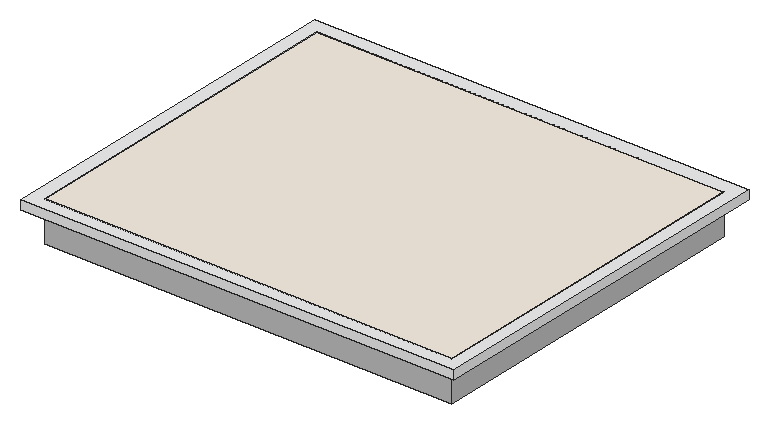
Revit family "Lighting-Industrial-GEWISS-ELIA-HL-LED_HIGHBAY", category Apparecchi per illuminazione, host Superficie, Revit 2019 (continued)
Types (12, lengths in mm): name | Weight (kg): | Weight (kg) | Voltage | Technical sheet | System power | Optic | built-in parameter 1150142 | Lumen output (lm) | Model | IDT | File diagramma fotometrico | Description
    62.45 150.20 138.26 126.63 115.49 105.08 95.25 85.91 \r\n76.98 68.33 59.98 51.84 44.12 36.98 30.35 24.13 18.45 \r\n13.35 9.08 5.95 3.86 2.80 2.80 \r\n8062.88 8063.68 8064.49 8066.90 8069.32 8072.54 8076.56 \r\n8081.39 8086.22 8091.86 8099.10 8105.54 8112.79 8120.84 \r\n8128.89 8137.74 8146.60 8156.26 8165.11 8174.77 8184.43 \r\n8194.09 8202.95 8212.61 8221.46 8229.51 8237.56 8244.00 \r\n8250.44 8256.08 8260.10 8263.32 8264.13 8264.93 8264.13 \r\n8261.71 8257.69 8252.86 8244.81 8235.15 8223.07 8208.58 \r\n8193.29 8173.97 8153.84 8131.30 8107.15 8079.78 8050.00 \r\n8018.60 7983.99 7946.15 7905.10 7861.63 7813.33 7761.81 \r\n7705.46 7644.28 7578.27 7507.43 7430.95 7348.04 7259.49 \r\n7166.11 7067.09 6963.25 6852.16 6734.63 6609.85 6477.83 \r\n6334.54 6175.96 6010.13 5844.30 5678.47 5511.83 5347.61 \r\n5186.61 5028.03 4867.83 4712.47 4564.35 4421.86 4285.01 \r\n4153.80 4026.61 3901.83 3779.48 3661.95 3551.66 3446.21 \r\n3343.17 3241.74 3139.50 3039.68 2943.08 2849.70 2758.74 \r\n2670.99 2584.86 2500.33 2419.03 2340.14 2265.27 2192.02 \r\n2117.96 2044.70 1973.06 1901.41 1829.77 1757.32 1688.89 \r\n1622.88 1557.19 1492.95 1429.28 1367.53 1308.77 1253.38 \r\n1202.11 1154.37 1109.93 1068.07 1028.07 989.51 951.91 \r\n914.80 876.97 839.29 802.59 766.68 731.34 696.81 663.32 \r\n631.12 601.25 572.60 544.42 517.13 490.57 465.53 443.47 \r\n422.95 402.74 382.62 361.61 341.00 322.16 304.13 286.26 \r\n268.95 252.61 237.31 223.39 210.43 198.35 186.52 174.04 \r\n161.56 149.61 137.90 126.38 115.28 104.88 95.05 85.76 \r\n76.89 68.26 59.93 51.83 44.15 37.04 30.39 24.14 18.43 \r\n13.33 9.07 5.94 3.85 2.80 2.79 \r\n8062.88 8063.68 8064.49 8066.90 8069.32 8071.73 8076.56 \r\n8080.59 8086.22 8092.66 8098.30 8104.74 8112.79 8120.03 \r\n8128.89 8136.94 8146.60 8155.45 8164.31 8173.97 8183.63 \r\n8192.48 8202.95 8211.80 8221.46 8229.51 8236.76 8244.00 \r\n8250.44 8255.27 8260.10 8263.32 8264.93 8264.93 8264.93 \r\n8262.52 8258.49 8252.86 8246.42 8236.76 8224.68 8211.00 \r\n8195.70 8176.38 8156.26 8134.52 8109.57 8083.00 8054.02 \r\n8022.63 7988.01 7950.98 7910.73 7866.46 7819.77 7767.44 \r\n7711.09 7650.72 7584.71 7514.67 7439.00 7356.89 7268.34 \r\n7176.57 7078.36 6974.52 6864.23 6747.51 6622.73 6491.52 \r\n6349.03 6190.45 6023.81 5857.18 5688.93 5522.30 5358.08 \r\n5197.88 5039.30 4877.49 4719.71 4569.98 4425.89 4287.43 \r\n4154.60 4025.80 3901.03 3778.67 3661.14 3551.66 3446.21 \r\n3343.17 3241.74 3139.50 3039.68 2943.08 2848.89 2758.74 \r\n2670.99 2585.66 2501.14 2419.03 2340.14 2265.27 2191.21 \r\n2117.96 2044.70 1973.06 1902.22 1828.96 1756.51 1688.09 \r\n1622.08 1556.23 1492.07 1428.23 1366.17 1307.16 1251.37 \r\n1199.69 1151.55 1106.96 1065.02 1024.93 986.37 948.85 \r\n911.74 873.99 836.40 799.77 763.70 728.53 694.15 660.50 \r\n628.22 598.36 569.86 542.01 514.96 488.39 463.36 441.46 \r\n420.93 400.89 380.85 359.84 339.23 320.55 302.76 285.05 \r\n267.98 251.72 236.51 222.42 209.30 197.23 185.47 173.08 \r\n160.81 149.07 137.58 126.14 115.09 104.71 94.89 85.64 \r\n76.81 68.19 59.87 51.82 44.15 37.05 30.42 24.15 18.42 \r\n13.31 9.05 5.93 3.85 2.81 2.79 \r\n8062.88 8063.68 8065.29 8066.90 8069.32 8072.54 8075.76 \r\n8080.59 8086.22 8091.86 8098.30 8104.74 8111.98 8120.03 \r\n8128.08 8136.13 8145.79 8155.45 8164.31 8173.97 8183.63 \r\n8192.48 8202.14 8211.00 8219.85 8228.71 8235.95 8243.20 \r\n8249.64 8255.27 8260.10 8262.52 8264.93 8265.74 8265.74 \r\n8262.52 8259.30 8254.47 8248.03 8238.37 8227.10 8213.41 \r\n8197.31 8179.60 8160.28 8136.94 8113.59 8087.03 8058.85 \r\n8027.46 7993.65 7955.81 7915.56 7872.09 7825.40 7773.88 \r\n7717.53 7657.96 7593.56 7523.53 7447.86 7366.55 7279.61 \r\n7187.04 7089.63 6986.59 6877.11 6760.39 6637.22 6506.01 \r\n6364.33 6205.74 6039.11 5870.86 5701.81 5534.37 5369.35 \r\n5209.96 5049.76 4887.15 4727.76 4575.62 4429.91 4290.65 \r\n4156.21 4025.80 3901.03 3778.67 3661.95 3552.47 3446.21 \r\n3343.17 3240.93 3139.50 3039.68 2942.28 2848.89 2758.74 \r\n2670.99 2584.86 2501.14 2419.03 2339.33 2263.66 2190.41 \r\n2117.15 2043.90 1972.25 1900.61 1827.35 1754.90 1687.28 \r\n1620.22 1554.70 1490.54 1426.62 1364.48 1305.15 1248.96 \r\n1196.95 1148.49 1103.65 1061.63 1021.55 983.07 945.63 \r\n908.60 870.93 833.58 796.79 760.73 725.55 691.33 657.60 \r\n625.24 595.46 567.04 539.43 512.70 486.22 461.27 439.37 \r\n418.92 398.88 378.99 357.98 337.62 318.94 301.31 283.84 \r\n266.94 250.84 235.62 221.54 208.33 196.18 184.51 172.27 \r\n160.14 148.59 137.28 125.93 114.92 104.57 94.76 85.53 \r\n76.72 68.11 59.80 51.76 44.15 37.06 30.43 24.13 18.39 \r\n13.28 9.03 5.92 3.85 2.81 2.79 \r\n8062.88 8063.68 8065.29 8066.90 8069.32 8072.54 8075.76 \r\n8080.59 8086.22 8091.86 8097.49 8103.93 8111.98 8120.03 \r\n8128.08 8136.13 8144.99 8154.65 8164.31 8173.16 8182.82 \r\n8191.68 8201.34 8210.19 8219.85 8228.71 8235.95 8243.20 \r\n8249.64 8256.08 8260.10 8263.32 8265.74 8266.54 8266.54 \r\n8264.93 8261.71 8256.08 8248.83 8240.78 8229.51 8216.63 \r\n8200.53 8182.82 8163.50 8141.77 8117.62 8091.86 8063.68 \r\n8033.09 7998.48 7962.25 7922.81 7880.14 7833.45 7781.93 \r\n7726.39 7667.62 7603.22 7533.99 7459.13 7377.82 7290.88 \r\n7199.92 7103.32 7000.28 6890.80 6774.88 6652.52 6522.11 \r\n6381.23 6224.26 6057.62 5887.77 5717.91 5548.86 5383.03 \r\n5220.42 5058.62 4895.20 4735.01 4582.86 4436.35 4295.48 \r\n4159.43 4029.83 3903.44 3781.89 3665.17 3554.88 3447.01 \r\n3342.36 3239.32 3137.89 3038.07 2940.67 2845.68 2756.32 \r\n2667.77 2581.64 2497.92 2415.00 2335.31 2259.64 2185.58 \r\n2111.52 2039.07 1966.62 1895.78 1823.33 1750.88 1682.45 \r\n1616.12 1551.24 1487.48 1424.21 1362.46 1302.89 1246.30 \r\n1193.98 1145.35 1100.52 1058.58 1018.65 980.33 943.22 \r\n906.43 868.92 831.65 795.02 759.20 723.94 689.56 655.91 \r\n623.79 593.85 565.35 537.74 511.18 484.85 460.06 438.08 \r\n417.47 397.43 377.46 356.62 336.41 317.89 300.26 282.80 \r\n266.13 250.11 234.90 220.89 207.69 195.70 183.94 172.03 \r\n160.07 148.49 137.11 125.77 114.81 104.51 94.74 85.50 \r\n76.64 68.01 59.67 51.62 44.00 36.92 30.28 24.01 18.31 \r\n13.21 8.97 5.90 3.86 2.82 2.79 \r\n8062.88 8063.68 8065.29 8066.90 8069.32 8072.54 8075.76 \r\n8080.59 8085.42 8091.86 8097.49 8103.93 8111.98 8119.23 \r\n8127.28 8135.33 8144.99 8153.84 8163.50 8173.16 8182.82 \r\n8191.68 8200.53 8210.19 8219.05 8227.90 8235.95 8242.39 \r\n8248.83 8255.27 8260.10 8264.13 8266.54 8268.15 8267.35 \r\n8265.74 8262.52 8257.69 8251.25 8243.20 8231.93 8219.05 \r\n8203.75 8186.85 8167.53 8145.79 8122.45 8096.69 8068.51 \r\n8037.92 8004.92 7968.69 7929.25 7887.39 7840.70 7790.79 \r\n7736.05 7677.28 7613.69 7544.46 7470.40 7389.90 7304.57 \r\n7212.80 7116.20 7013.16 6905.29 6789.37 6667.81 6539.01 \r\n6399.75 6243.58 6077.75 5907.09 5734.82 5564.96 5395.91 \r\n5230.89 5067.47 4903.25 4743.06 4590.91 4442.79 4300.31 \r\n4163.46 4033.05 3907.47 3785.92 3669.19 3557.30 3448.62 \r\n3342.36 3237.71 3136.28 3035.66 2938.25 2844.07 2753.10 \r\n2664.55 2577.61 2493.09 2410.98 2331.28 2254.00 2179.94 \r\n2105.88 2033.43 1960.98 1890.14 1818.50 1746.85 1677.62 \r\n1612.09 1547.13 1483.86 1421.31 1360.05 1300.32 1243.40 \r\n1190.92 1142.13 1097.38 1055.44 1015.75 977.67 940.72 \r\n904.18 866.82 829.71 793.41 757.75 722.33 687.79 654.47 \r\n622.51 592.40 563.66 536.13 509.65 483.64 459.01 436.87 \r\n416.10 395.90 375.94 355.33 335.20 316.77 299.22 281.91 \r\n265.25 249.39 234.34 220.33 207.21 195.13 183.54 171.79 \r\n160.11 148.45 136.95 125.62 114.70 104.46 94.72 85.46 \r\n76.56 67.89 59.53 51.47 43.82 36.73 30.11 23.88 18.20 \r\n13.13 8.91 5.88 3.86 2.83 2.78 \r\n8062.88 8063.68 8065.29 8066.90 8069.32 8072.54 8075.76 \r\n8080.59 8085.42 8091.05 8097.49 8103.93 8111.18 8119.23 \r\n8127.28 8135.33 8144.18 8153.84 8163.50 8172.36 8182.02 \r\n8190.87 8200.53 8209.39 8218.24 8227.10 8235.15 8242.39 \r\n8248.83 8255.27 8260.10 8264.13 8268.15 8268.96 8268.96 \r\n8267.35 8264.93 8260.10 8253.66 8244.00 8234.34 8221.46 \r\n8206.17 8190.07 8171.55 8150.62 8127.28 8101.52 8074.95 \r\n8044.36 8011.36 7975.94 7937.30 7895.44 7848.75 7799.64 \r\n7745.71 7687.75 7624.15 7556.53 7482.47 7402.78 7317.45 \r\n7227.29 7130.69 7027.65 6918.97 6805.47 6684.72 6556.72 \r\n6417.46 6263.70 6098.68 5927.21 5752.53 5581.06 5410.40 \r\n5242.16 5075.52 4912.11 4751.91 4598.96 4450.84 4306.75 \r\n4167.48 4037.07 3912.30 3790.75 3673.22 3560.52 3449.43 \r\n3342.36 3236.91 3133.87 3034.05 2935.84 2840.85 2749.08 \r\n2660.53 2573.59 2489.06 2406.95 2326.45 2248.37 2173.50 \r\n2099.44 2026.19 1955.35 1884.51 1812.06 1742.02 1673.60 \r\n1607.18 1542.86 1479.99 1418.09 1357.39 1297.58 1240.34 \r\n1187.70 1138.83 1094.08 1052.30 1012.77 974.94 938.23 \r\n902.00 864.81 827.78 791.80 756.30 720.80 686.18 652.94 \r\n621.22 590.95 562.13 534.60 508.20 482.44 458.05 435.83 \r\n414.90 394.53 374.49 354.04 334.16 315.80 298.25 281.03 \r\n264.36 248.58 233.69 219.77 206.72 194.65 183.22 171.71 \r\n160.19 148.44 136.79 125.48 114.61 104.42 94.73 85.43 \r\n76.48 67.76 59.38 51.30 43.64 36.54 29.91 23.73 18.10 \r\n13.05 8.85 5.85 3.87 2.84 2.78 \r\n8062.88 8063.68 8065.29 8066.90 8069.32 8072.54 8075.76 \r\n8080.59 8085.42 8091.05 8097.49 8103.93 8111.18 8119.23 \r\n8127.28 8135.33 8143.38 8153.84 8162.70 8172.36 8182.02 \r\n8190.87 8199.73 8209.39 8218.24 8226.29 8235.15 8241.59 \r\n8248.83 8255.27 8260.10 8264.93 8268.15 8270.57 8270.57 \r\n8268.96 8265.74 8260.91 8254.47 8246.42 8236.76 8224.68 \r\n8210.19 8194.09 8174.77 8154.65 8132.11 8107.15 8079.78 \r\n8050.80 8017.80 7982.38 7944.54 7902.68 7857.60 7808.50 \r\n7755.37 7697.41 7635.42 7567.80 7494.55 7416.46 7331.13 \r\n7241.78 7145.18 7042.94 6935.07 6820.76 6700.01 6573.63 \r\n6436.78 6283.83 6119.61 5947.34 5771.04 5597.97 5425.70 \r\n5253.43 5085.99 4920.96 4760.77 4607.01 4457.28 4312.38 \r\n4172.31 4041.90 3916.32 3795.58 3678.85 3563.74 3451.04 \r\n3341.56 3235.30 3132.26 3031.63 2933.42 2837.63 2745.86 \r\n2656.50 2568.76 2484.23 2402.12 2321.62 2243.54 2167.06 \r\n2092.20 2019.75 1948.91 1878.07 1807.23 1736.38 1668.77 \r\n1602.35 1538.36 1475.89 1414.71 1354.49 1294.60 1237.20 \r\n1184.48 1135.61 1090.86 1049.16 1009.79 972.28 935.81 \r\n899.83 862.80 825.85 790.19 754.85 719.27 684.41 651.49 \r\n620.01 589.66 560.60 533.07 506.67 481.23 457.16 434.86 \r\n413.69 393.16 373.12 352.83 333.19 314.84 297.37 280.14 \r\n263.48 247.86 233.13 219.28 206.32 194.33 182.90 171.63 \r\n160.30 148.43 136.62 125.32 114.50 104.39 94.73 85.39 \r\n76.39 67.64 59.22 51.13 43.45 36.33 29.72 23.57 18.00 \r\n12.97 8.80 5.83 3.89 2.85 2.77 \r\n8062.88 8063.68 8065.29 8066.90 8069.32 8072.54 8075.76 \r\n8080.59 8085.42 8091.05 8097.49 8103.93 8111.18 8119.23 \r\n8127.28 8135.33 8143.38 8152.23 8162.70 8172.36 8181.21 \r\n8190.87 8199.73 8208.58 8217.44 8226.29 8234.34 8241.59 \r\n8248.83 8255.27 8260.10 8265.74 8268.96 8271.37 8271.37 \r\n8270.57 8267.35 8263.32 8256.88 8248.83 8238.37 8227.10 \r\n8213.41 8197.31 8178.80 8159.48 8136.94 8111.98 8086.22 \r\n8055.63 8024.24 7990.43 7951.79 7910.73 7865.65 7818.16 \r\n7765.83 7708.68 7646.69 7579.88 7506.62 7429.34 7344.82 \r\n7255.46 7159.67 7057.43 6949.56 6836.86 6717.72 6591.34 \r\n6455.29 6303.95 6141.34 5968.27 5790.36 5614.87 5440.19 \r\n5266.31 5094.84 4929.82 4769.62 4615.06 4465.33 4318.02 \r\n4177.14 4046.73 3921.96 3800.41 3682.88 3566.15 3452.64 \r\n3341.56 3234.49 3130.64 3029.22 2931.01 2834.41 2741.83 \r\n2651.67 2563.93 2478.60 2397.29 2316.79 2237.09 2159.82 \r\n2085.76 2013.31 1941.66 1872.43 1801.59 1731.56 1663.93 \r\n1597.76 1533.85 1471.70 1411.08 1351.43 1291.54 1234.15 \r\n1181.34 1132.39 1087.72 1046.18 1006.97 969.54 933.40 \r\n897.58 860.71 824.00 788.42 753.32 717.58 682.64 650.04 \r\n618.88 588.37 559.15 531.54 505.30 480.18 456.27 433.98 \r\n412.56 391.87 371.83 351.70 332.30 314.11 296.56 279.34 \r\n262.75 247.22 232.56 218.80 205.92 193.92 182.57 171.55 \r\n160.37 148.39 136.42 125.15 114.40 104.34 94.72 85.34 \r\n76.27 67.51 59.06 50.94 43.25 36.12 29.53 23.43 17.90 \r\n12.90 8.75 5.82 3.90 2.87 2.77 \r\n8062.88 8063.68 8065.29 8066.90 8069.32 8072.54 8075.76 \r\n8080.59 8085.42 8091.05 8096.69 8103.13 8111.18 8118.42 \r\n8126.47 8134.52 8142.57 8152.23 8161.09 8171.55 8181.21 \r\n8190.07 8198.92 8208.58 8216.63 8225.49 8233.54 8241.59 \r\n8248.03 8255.27 8260.91 8265.74 8269.76 8271.37 8272.98 \r\n8272.18 8268.96 8264.93 8258.49 8250.44 8241.59 8230.32 \r\n8215.83 8200.53 8182.82 8163.50 8140.96 8116.81 8091.05 \r\n8062.07 8030.68 7996.87 7959.84 7918.78 7874.51 7827.01 \r\n7775.49 7719.14 7657.96 7591.95 7519.50 7442.22 7359.31 \r\n7269.15 7174.16 7071.92 6964.86 6852.96 6733.82 6608.24 \r\n6474.61 6324.08 6163.08 5989.20 5810.49 5632.58 5455.48 \r\n5279.19 5106.11 4940.28 4780.09 4623.92 4472.58 4324.46 \r\n4182.78 4051.56 3926.79 3805.24 3686.90 3569.37 3455.06 \r\n3342.36 3233.69 3128.23 3026.80 2927.79 2831.99 2738.61 \r\n2646.84 2559.10 2473.77 2391.66 2311.96 2231.46 2154.18 \r\n2079.32 2006.06 1936.03 1866.80 1796.76 1727.53 1659.91 \r\n1593.50 1529.58 1467.60 1407.30 1348.13 1288.48 1230.93 \r\n1178.20 1129.33 1084.74 1043.28 1004.16 966.89 930.90 \r\n895.32 858.53 821.90 786.65 751.71 715.89 680.95 648.75 \r\n617.84 587.25 557.70 530.09 503.85 479.06 455.55 433.01 \r\n411.52 390.75 370.54 350.66 331.42 313.31 295.92 278.53 \r\n261.95 246.49 232.08 218.40 205.60 193.68 182.41 171.47 \r\n160.43 148.29 136.19 124.95 114.29 104.27 94.68 85.27 \r\n76.15 67.36 58.91 50.76 43.08 35.94 29.34 23.29 17.81 \r\n12.84 8.71 5.82 3.92 2.89 2.77 \r\n8062.88 8063.68 8065.29 8066.90 8069.32 8072.54 8075.76 \r\n8080.59 8085.42 8091.05 8096.69 8103.13 8110.37 8117.62 \r\n8126.47 8134.52 8142.57 8151.43 8161.09 8170.75 8180.41 \r\n8189.26 8198.92 8207.78 8215.83 8224.68 8232.73 8240.78 \r\n8248.03 8254.47 8260.91 8265.74 8269.76 8272.18 8272.98 \r\n8272.98 8270.57 8266.54 8260.10 8252.86 8243.20 8231.93 \r\n8219.05 8203.75 8186.85 8167.53 8145.79 8122.45 8095.88 \r\n8066.90 8035.51 8002.50 7965.47 7925.22 7881.75 7835.06 \r\n7784.35 7728.80 7667.62 7602.42 7530.77 7454.30 7372.19 \r\n7282.83 7187.84 7087.22 6979.35 6868.26 6749.92 6625.95 \r\n6491.52 6343.40 6182.40 6008.52 5828.20 5650.29 5473.19 \r\n5296.09 5120.60 4952.36 4789.75 4632.77 4480.63 4330.90 \r\n4187.61 4054.78 3929.20 3807.65 3689.32 3572.59 3458.28 \r\n3344.78 3234.49 3127.43 3025.19 2926.18 2829.58 2735.39 \r\n2643.62 2555.07 2468.93 2386.83 2307.13 2227.43 2149.35 \r\n2074.49 2002.04 1932.81 1862.77 1794.35 1725.12 1657.50 \r\n1591.16 1526.68 1463.89 1403.28 1343.95 1284.78 1228.03 \r\n1175.62 1126.76 1082.16 1040.70 1001.58 964.31 928.17 \r\n892.58 855.88 819.41 784.23 749.29 713.55 678.78 646.98 \r\n616.55 585.80 556.17 528.40 502.16 477.77 454.50 432.20 \r\n410.63 389.70 369.50 349.77 330.86 312.82 295.35 277.81 \r\n261.06 245.85 231.60 218.07 205.28 193.36 182.01 170.98 \r\n159.86 147.72 135.65 124.56 114.04 104.06 94.47 85.06 \r\n75.95 67.19 58.77 50.65 42.97 35.84 29.25 23.22 17.77 \r\n12.83 8.72 5.84 3.94 2.91 2.77 \r\n8062.88 8063.68 8065.29 8066.90 8069.32 8071.73 8075.76 \r\n8080.59 8085.42 8091.05 8096.69 8103.13 8110.37 8117.62 \r\n8126.47 8133.72 8141.77 8151.43 8160.28 8169.94 8179.60 \r\n8189.26 8198.12 8206.17 8215.83 8224.68 8232.73 8240.78 \r\n8247.22 8254.47 8260.10 8265.74 8269.76 8272.98 8273.79 \r\n8273.79 8271.37 8267.35 8262.52 8254.47 8245.61 8234.34 \r\n8221.46 8206.97 8189.26 8170.75 8149.82 8126.47 8099.91 \r\n8071.73 8041.14 8008.14 7971.11 7932.47 7889.00 7843.11 \r\n7792.40 7737.66 7678.09 7612.88 7542.04 7466.37 7384.26 \r\n7296.52 7201.53 7100.90 6994.64 6884.36 6766.83 6642.86 \r\n6508.42 6361.11 6200.91 6027.84 5846.71 5668.81 5490.10 \r\n5312.19 5136.70 4966.04 4801.02 4640.82 4487.07 4336.53 \r\n4192.44 4058.00 3931.62 3810.07 3690.93 3575.01 3461.50 \r\n3347.19 3235.30 3127.43 3023.58 2923.76 2827.16 2732.17 \r\n2640.40 2550.24 2464.91 2382.80 2303.11 2223.41 2146.13 \r\n2071.27 1998.82 1928.78 1860.36 1791.93 1723.51 1655.88 \r\n1589.31 1524.11 1460.59 1399.33 1339.76 1281.24 1225.29 \r\n1173.13 1124.50 1079.83 1038.29 999.17 961.73 925.59 \r\n889.85 853.22 816.91 781.57 746.64 711.06 676.60 645.29 \r\n615.26 584.43 554.56 526.79 500.71 476.48 453.54 431.32 \r\n409.75 388.73 368.37 348.97 330.37 312.34 294.95 277.24 \r\n260.34 245.28 231.20 217.67 204.95 193.04 181.69 170.58 \r\n159.27 147.11 135.09 124.14 113.77 103.84 94.24 84.83 \r\n75.73 67.00 58.62 50.54 42.89 35.77 29.20 23.18 17.75 \r\n12.83 8.74 5.87 3.97 2.93 2.78 \r\n8062.88 8063.68 8065.29 8066.90 8069.32 8071.73 8075.76 \r\n8080.59 8085.42 8091.05 8096.69 8103.13 8110.37 8116.81 \r\n8125.67 8133.72 8141.77 8150.62 8160.28 8169.14 8178.80 \r\n8187.65 8197.31 8206.17 8215.02 8223.88 8231.93 8239.98 \r\n8247.22 8253.66 
